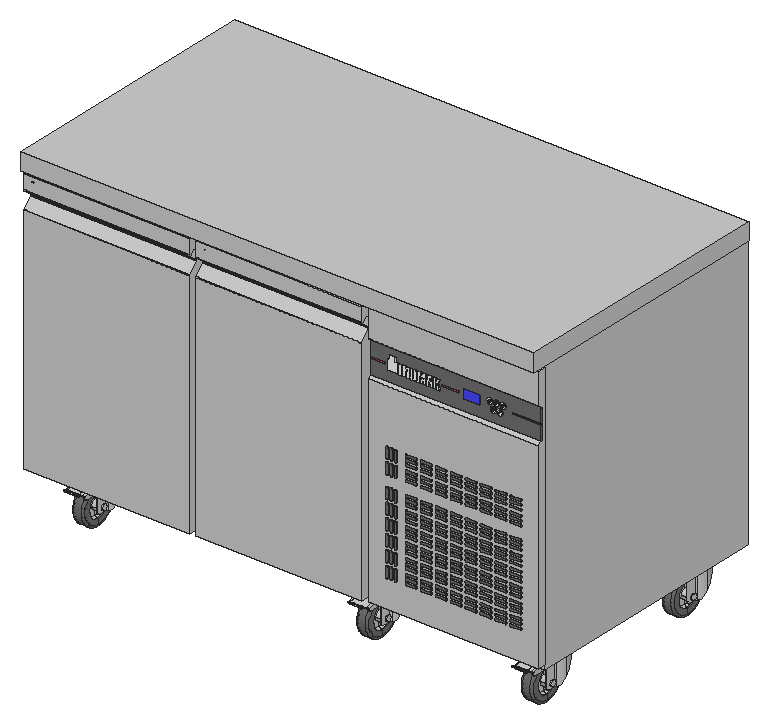
Revit family "QF_INOMAK_PNRP99_250528074223", category Specialty Equipment, Revit 2021 (continued)
Definition of nested family "QF_INOMAK_REF_COUNTERS_DOORS_DRAWERS_16430"
  Definition of nested family "4_Drawers_1-4"
    Forms (mm)
      Extrusion 3, solid, visible <- "4 Drawers", detail levels coarse
        sketch origin (0, -700, 154) x (-1, 0, 0) y (0, 1, 0)
          loop
            line (-35, 10) -> (-1165, 10) -> (-1165, -565) -> (-35, -565) -> (-35, 10)
        from 0 to -219.583
      Extrusion 4, solid, material <- "Finish", visible <- "4 Drawers"
        sketch origin (35, 0, -440.333) x (0, -1, 0) y (0, 0, 1)
          loop
            line (680, 813.917) -> (670, 813.917) -> (670, 594.333) -> (690, 594.333) -> (690, 757.761)
            arc (690, 757.761) -> (689.115, 763.644) -> (686.539, 769.007) r 20
            line (686.539, 769.007) -> (673, 788.917) -> (673, 810.917) -> (680, 810.917)
            arc (680, 810.917) -> (684.95, 808.866) -> (687, 803.917) r 7
            line (687, 803.917) -> (687, 798.904) -> (690, 798.904) -> (690, 803.917)
            arc (690, 803.917) -> (687.071, 810.988) -> (680, 813.917) r 10
        from 0 to -1130
      Extrusion 5, solid, material <- "Finish", visible <- "4 Drawers"
        sketch origin (35, 0, -165.333) x (0, -1, 0) y (0, 0, 1)
          loop
            line (680, 987.75) -> (670, 987.75) -> (670, 767.167) -> (690, 767.167) -> (690, 931.594)
            arc (690, 931.594) -> (689.115, 937.478) -> (686.539, 942.84) r 20
            line (686.539, 942.84) -> (673, 962.75) -> (673, 984.75) -> (680, 984.75)
            arc (680, 984.75) -> (684.95, 982.7) -> (687, 977.75) r 7
            line (687, 977.75) -> (687, 972.738) -> (690, 972.738) -> (690, 977.75)
            arc (690, 977.75) -> (687.071, 984.821) -> (680, 987.75) r 10
        from 0 to -1130
      Extrusion 6, solid, material <- "Finish", visible <- "4 Drawers"
        sketch origin (35, 0, -330.333) x (0, -1, 0) y (0, 0, 1)
          loop
            line (680, 928.5) -> (670, 928.5) -> (670, 708.25) -> (690, 708.25) -> (690, 872.344)
            arc (690, 872.344) -> (689.115, 878.228) -> (686.539, 883.59) r 20
            line (686.539, 883.59) -> (673, 903.5) -> (673, 925.5) -> (680, 925.5)
            arc (680, 925.5) -> (684.95, 923.45) -> (687, 918.5) r 7
            line (687, 918.5) -> (687, 913.488) -> (690, 913.488) -> (690, 918.5)
            arc (690, 918.5) -> (687.071, 925.571) -> (680, 928.5) r 10
        from 0 to -1130
      Extrusion 7, solid, visible <- "4 Drawers", detail levels coarse
        sketch origin (0, -500.463, 601.833) x (0, 1, 0) y (-1, 0, 0)
          loop
            line (-189.537, -35) -> (-764.537, -35) -> (-764.537, -1165) -> (-189.537, -1165) -> (-189.537, -35)
        from 0 to 220.583
      Extrusion 8, solid, visible <- "4 Drawers", detail levels coarse
        sketch origin (0, -540.463, 377.917) x (0, 1, 0) y (-1, 0, 0)
          loop
            line (-149.537, -35) -> (-724.537, -35) -> (-724.537, -1165) -> (-149.537, -1165) -> (-149.537, -35)
        from 0 to 220.25
    Lines and regions (mm)
      symbolic lines, visible <- "4 Drawers"
        curve 1: line (35, -945, 900) -> (35, -985, 900)
        curve 2: line (35, -985, 900) -> (1165, -985, 900)
        curve 3: line (1165, -985, 900) -> (1165, -945, 900)
        curve 4: line (1165, -945, 900) -> (35, -945, 900)
        curve 5: line (1135, -945, 900) -> (1135, -845, 900)
        curve 6: line (65, -945, 900) -> (65, -845, 900)
        curve 7: line (35, -1085, 900) -> (35, -1125, 900)
        curve 8: line (35, -1125, 900) -> (1165, -1125, 900)
        curve 9: line (1165, -1125, 900) -> (1165, -1085, 900)
        curve 10: line (1165, -1085, 900) -> (35, -1085, 900)
        curve 11: line (1135, -1085, 900) -> (1135, -985, 900)
        curve 12: line (65, -1085, 900) -> (65, -985, 900)
        curve 13: line (35, -1225, 900) -> (35, -1265, 900)
        curve 14: line (35, -1265, 900) -> (1165, -1265, 900)
        curve 15: line (1165, -1265, 900) -> (1165, -1225, 900)
        curve 16: line (1165, -1225, 900) -> (35, -1225, 900)
        curve 17: line (1135, -1225, 900) -> (1135, -1125, 900)
        curve 18: line (65, -1225, 900) -> (65, -1125, 900)
        curve 19: line (35, -805, 900) -> (35, -845, 900)
        curve 20: line (35, -845, 900) -> (1165, -845, 900)
        curve 21: line (1165, -845, 900) -> (1165, -805, 900)
        curve 22: line (1165, -805, 900) -> (35, -805, 900)
        curve 23: line (65, -805, 900) -> (65, -700, 900)
        curve 24: line (1135, -805, 900) -> (1135, -700, 900)
    Dimensions and locks
      "Length Actual": plane 3 "Left" to plane 4 "Right"
      "Depth Actual": plane 5 "Front" to plane 1 "Back"
      "Height Actual": plane 6 "Top" to plane 8 "Legs top"
      "Front inset": plane 7 "Front legs" to plane 5 "Front"
      "Plinth height": plane 8 "Legs top" to plane 2
      "Rear inset": plane 9 "Backsplash thickness" to plane 1 "Back"
      "Right panel thickness": plane 11 "Right panel" to plane 4 "Right"
      "Left panel thickness": plane 3 "Left" to plane 10 "Left panel"
      locked: plane 14 to plane 15 at 3.667
      equal spacing: plane 14, plane 12, plane 15
      locked: plane 23 to plane 24 at 3.667
      equal spacing: plane 23, plane 22, plane 24
      "Bottom inset": plane 20 to plane 8 "Legs top"
      equal spacing: plane 19, plane 17, plane 18
      locked: plane 19 to plane 18 at 4.333
      equal spacing: plane 21, plane 17, plane 22, plane 12, plane 16
      locked: plane 13 to plane 16 at 2.5
      "Top inset": plane 13 to plane 6 "Top"
      locked: plane 21 to plane 20 at 2.5
      aligned and locked: level to plane 2
      aligned and locked: plane 7 "Front legs" to Extrusion 1 sketch curve  (x2)
      aligned and locked: Extrusion 1 to plane 11 "Right panel"
      aligned and locked: Extrusion 1 sketch curve to plane 13
      aligned and locked: Extrusion 1 sketch curve to plane 14
      aligned and locked: plane 10 "Left panel" to curve 1
      aligned and locked: plane 10 "Left panel" to curve 7
      aligned and locked: plane 10 "Left panel" to curve 13
      aligned and locked: Extrusion 2 sketch curve to plane 10 "Left panel"
      aligned and locked: plane 11 "Right panel" to Extrusion 2 sketch curve
      aligned and locked: Extrusion 3 sketch curve to plane 10 "Left panel"
      aligned and locked: plane 11 "Right panel" to Extrusion 3 sketch curve
      aligned and locked: Extrusion 2 to plane 13
      aligned and locked: Extrusion 3 to plane 19
      aligned and locked: plane 20 to Extrusion 4 sketch curve
      aligned and locked: Extrusion 4 to plane 11 "Right panel"
      aligned and locked: Extrusion 5 sketch curve to plane 15
      aligned and locked: plane 7 "Front legs" to Extrusion 5 sketch curve
      aligned and locked: Extrusion 5 sketch curve to plane 23
      aligned and locked: Extrusion 6 sketch curve to plane 24
      aligned and locked: plane 7 "Front legs" to Extrusion 6 sketch curve
      aligned and locked: Extrusion 6 sketch curve to plane 18
      aligned and locked: Extrusion 7 to plane 15
      aligned and locked: Extrusion 8 to plane 24
      aligned and locked: Extrusion 5 to plane 11 "Right panel"
      aligned and locked: Extrusion 6 to plane 11 "Right panel"
    Automatic sketch dimensions
      Extrusion 1 sketch curve to Extrusion 1 sketch curve = 0 mm  (x2)
      plane 7 "Front legs" to Extrusion 1 sketch curve = 3 mm
      plane 7 "Front legs" to Extrusion 1 sketch curve = 3.461 mm
      plane 7 "Front legs" to Extrusion 1 sketch curve = 10 mm
      Extrusion 1 sketch curve to Extrusion 1 sketch curve = 7 mm
      plane 7 "Front legs" to Extrusion 1 sketch curve = 20 mm  (x2)
      Extrusion 1 sketch curve to Extrusion 1 sketch curve = 46.156 mm
      Extrusion 1 sketch curve to Extrusion 1 sketch curve = 15 mm
      Extrusion 1 sketch curve to Extrusion 1 sketch curve = 5.012 mm
      Extrusion 2 sketch curve to plane 7 "Front legs" = 0 mm
      Extrusion 2 sketch curve to plane 5 "Front" = 565 mm
      Extrusion 3 sketch curve to plane 7 "Front legs" = 0 mm
      Extrusion 3 sketch curve to plane 5 "Front" = 565 mm
      Extrusion 5 sketch curve to Extrusion 5 sketch curve = 0 mm  (x2)
      Extrusion 5 sketch curve to plane 7 "Front legs" = 0 mm
      plane 7 "Front legs" to Extrusion 5 sketch curve = 3 mm
      plane 7 "Front legs" to Extrusion 5 sketch curve = 3.461 mm
      plane 7 "Front legs" to Extrusion 5 sketch curve = 10 mm
      Extrusion 5 sketch curve to Extrusion 5 sketch curve = 7 mm
      plane 7 "Front legs" to Extrusion 5 sketch curve = 20 mm  (x2)
      Extrusion 5 sketch curve to Extrusion 5 sketch curve = 46.156 mm
      Extrusion 5 sketch curve to Extrusion 5 sketch curve = 15 mm
      Extrusion 5 sketch curve to Extrusion 5 sketch curve = 5.012 mm
      Extrusion 6 sketch curve to Extrusion 6 sketch curve = 0 mm  (x2)
      Extrusion 6 sketch curve to plane 7 "Front legs" = 0 mm
      plane 7 "Front legs" to Extrusion 6 sketch curve = 3 mm
      plane 7 "Front legs" to Extrusion 6 sketch curve = 3.461 mm
      plane 7 "Front legs" to Extrusion 6 sketch curve = 10 mm
      Extrusion 6 sketch curve to Extrusion 6 sketch curve = 7 mm
      plane 7 "Front legs" to Extrusion 6 sketch curve = 20 mm  (x2)
      Extrusion 6 sketch curve to Extrusion 6 sketch curve = 46.156 mm
      Extrusion 6 sketch curve to Extrusion 6 sketch curve = 15 mm
      Extrusion 6 sketch curve to Extrusion 6 sketch curve = 5.012 mm
      curve 14 to plane 11 "Right panel" = 0 mm
      curve 8 to plane 11 "Right panel" = 0 mm
      curve 2 to plane 11 "Right panel" = 0 mm
      curve 21 to plane 11 "Right panel" = 0 mm
      curve 20 to plane 10 "Left panel" = 0 mm
      curve 23 to plane 5 "Front" = 0 mm
      curve 24 to plane 5 "Front" = 0 mm
      curve 21 to plane 5 "Front" = 105 mm
      curve 20 to curve 21 = 40 mm
      curve 3 to curve 20 = 100 mm
      curve 3 to curve 3 = 40 mm
      curve 10 to curve 1 = 100 mm
      curve 9 to curve 9 = 40 mm
      curve 15 to curve 8 = 100 mm
      curve 15 to curve 15 = 40 mm
      plane 11 "Right panel" to curve 24 = 30 mm
      curve 8 to curve 17 = 30 mm
      curve 11 to curve 17 = 0 mm
      curve 23 to plane 10 "Left panel" = 30 mm
      curve 12 to curve 6 = 0 mm
      curve 18 to curve 12 = 0 mm
      Extrusion 4 sketch curve to Extrusion 4 sketch curve = 0 mm  (x2)
      plane 19 to Extrusion 4 sketch curve = 0 mm
      Extrusion 4 sketch curve to plane 7 "Front legs" = 0 mm  (x2)
      plane 7 "Front legs" to Extrusion 4 sketch curve = 3 mm
      plane 7 "Front legs" to Extrusion 4 sketch curve = 3.461 mm
      plane 7 "Front legs" to Extrusion 4 sketch curve = 10 mm
      Extrusion 4 sketch curve to Extrusion 4 sketch curve = 7 mm
      plane 7 "Front legs" to Extrusion 4 sketch curve = 20 mm  (x2)
      Extrusion 4 sketch curve to Extrusion 4 sketch curve = 46.156 mm
      Extrusion 4 sketch curve to Extrusion 4 sketch curve = 15 mm
      Extrusion 4 sketch curve to Extrusion 4 sketch curve = 5.012 mm
      Extrusion 7 sketch curve to plane 10 "Left panel" = 0 mm
      Extrusion 7 sketch curve to plane 11 "Right panel" = 0 mm
      Extrusion 7 sketch curve to plane 7 "Front legs" = 0 mm
      Extrusion 7 sketch curve to plane 5 "Front" = 565 mm
      Extrusion 8 sketch curve to plane 10 "Left panel" = 0 mm
      Extrusion 8 sketch curve to plane 11 "Right panel" = 0 mm
      Extrusion 8 sketch curve to plane 7 "Front legs" = 0 mm
      Extrusion 8 sketch curve to plane 5 "Front" = 565 mm
      curve 6 to plane 10 "Left panel" = 30 mm
      curve 5 to curve 24 = 0 mm
  Definition of nested family "Hinged_Doors"
    Parameters (values of type "Hinged doors")
      URL = "www.specifiglobal.com"
      Top inset [instance] = 4 mm
      Right panel thickness [instance] = 35 mm
      Rear inset [instance] = 10 mm
      Plinth height [instance] = 150 mm
      Model = ""
      Manufacturer = "DEMO CONSULTANT"
      Length Actual [instance] = 1200 mm
      Left panel thickness [instance] = 35 mm
      Hinged doors [instance] = Doors drawers type = 3  # yes
      Height Actual [instance] = 900 mm
      Front inset [instance] = 10 mm
      Finish [instance] = none
      Doors drawers type [instance] = 3
      Description = ""
      Depth Actual [instance] = 700 mm
      Default Elevation = 0 mm
      Bottom inset [instance] = 4 mm
      Assembly Code = "E1090320"
    Reference planes
      plane 1 "Back": y = 0
      plane 2: z = 0
      plane 3 "Left": x = 0
      plane 4 "Right": x = 1200
      plane 5 "Front": y = -700
      plane 6 "Top": z = 1050
      plane 7 "Front legs": y = -690
      plane 8 "Legs top": z = 150
      plane 9 "Backsplash thickness": y = -10
      plane 10: x = 35
      plane 11: x = 1165
      plane 12 "Center Left-Right": x = 600
      plane 13: x = 597.5
      plane 14: x = 602.5
      plane 15: z = 154
      plane 16: z = 1046
    Forms (mm)
      Extrusion 1, solid, material <- "Finish", visible <- "Hinged doors"
        sketch origin (35, -2307.849, 4000) x (0, -1, 0) y (0, 0, 1)
          loop
            line (-1627.849, -2954) -> (-1637.849, -2954) -> (-1637.849, -3846) -> (-1617.849, -3846) -> (-1617.849, -3010.156)
            arc (-1617.849, -3010.156) -> (-1618.734, -3004.272) -> (-1621.31, -2998.91) r 20
            line (-1621.31, -2998.91) -> (-1634.849, -2979) -> (-1634.849, -2957) -> (-1627.849, -2957)
            arc (-1627.849, -2957) -> (-1622.899, -2959.05) -> (-1620.849, -2964) r 7
            line (-1620.849, -2964) -> (-1620.849, -2969.012) -> (-1617.849, -2969.012) -> (-1617.849, -2964)
            arc (-1617.849, -2964) -> (-1620.778, -2956.929) -> (-1627.849, -2954) r 10
        from 0 to -562.5
      Extrusion 2, solid, visible <- "Hinged doors", detail levels coarse
        sketch origin (0, -700, 154) x (-1, 0, 0) y (0, 1, 0)
          loop
            line (-35, 10) -> (-597.5, 10)
            arc (-597.5, 10) -> (-432.748, -387.748) -> (-35, -552.5) r 562.5
            line (-35, -552.5) -> (-35, 10)
        from 0 to -892
      Extrusion 3, solid, material <- "Finish", visible <- "Hinged doors"
        sketch origin (1165, -2312.576, 4000) x (0, -1, 0) y (0, 0, 1)
          loop
            line (-1632.576, -2954) -> (-1642.576, -2954) -> (-1642.576, -3846) -> (-1622.576, -3846) -> (-1622.576, -3010.156)
            arc (-1622.576, -3010.156) -> (-1623.46, -3004.272) -> (-1626.037, -2998.91) r 20
            line (-1626.037, -2998.91) -> (-1639.576, -2979) -> (-1639.576, -2957) -> (-1632.576, -2957)
            arc (-1632.576, -2957) -> (-1627.626, -2959.05) -> (-1625.576, -2964) r 7
            line (-1625.576, -2964) -> (-1625.576, -2969.012) -> (-1622.576, -2969.012) -> (-1622.576, -2964)
            arc (-1622.576, -2964) -> (-1625.504, -2956.929) -> (-1632.576, -2954) r 10
        from 0 to 562.5
      Extrusion 4, solid, visible <- "Hinged doors", detail levels coarse
        sketch origin (0, -700, 154) x (-1, 0, 0) y (0, 1, 0)
          loop
            line (-1165, 10) -> (-1165, -552.5)
            arc (-1165, -552.5) -> (-767.252, -387.748) -> (-602.5, 10) r 562.5
            line (-602.5, 10) -> (-1165, 10)
        from 0 to -892
    Lines and regions (mm)
      symbolic lines, visible <- "Hinged doors"
        curve 1: line (35, -700, 150) -> (35, -1252.5, 150)
        curve 2: arc (35, -1252.5, 150) -> (429.196, -1091.268, 150) -> (597.411, -700, 150) r 562.5
        curve 3: arc (602.589, -700, 150) -> (770.804, -1091.268, 150) -> (1165, -1252.5, 150) r 562.5
        curve 4: line (1165, -1252.5, 150) -> (1165, -700, 150)
    Dimensions and locks
      "Length Actual": plane 3 "Left" to plane 4 "Right"
      "Depth Actual": plane 5 "Front" to plane 1 "Back"
      "Height Actual": plane 6 "Top" to plane 8 "Legs top"
      "Front inset": plane 7 "Front legs" to plane 5 "Front"
      "Plinth height": plane 8 "Legs top" to plane 2
      "Rear inset": plane 9 "Backsplash thickness" to plane 1 "Back"
      "Right panel thickness": plane 11 to plane 4 "Right"
      "Left panel thickness": plane 3 "Left" to plane 10
      equal spacing: plane 10, plane 12 "Center Left-Right", plane 11
      plane 13 to plane 12 "Center Left-Right" = 2.5 mm
      plane 12 "Center Left-Right" to plane 14 = 2.5 mm
      "Bottom inset": plane 15 to plane 8 "Legs top"
      "Top inset": plane 16 to plane 6 "Top"
      aligned and locked: level to plane 2
      aligned and locked: Extrusion 1 to plane 13
      aligned and locked: plane 10 to Extrusion 2 sketch curve
      aligned and locked: plane 13 to Extrusion 2 sketch curve
      aligned and locked: plane 7 "Front legs" to Extrusion 2 sketch curve  (x2)
      aligned and locked: plane 14 to Extrusion 3
      aligned and locked: Extrusion 2 to curve 1
      aligned and locked: curve 2 to Extrusion 2
      aligned and locked: curve 3 to Extrusion 4
      aligned and locked: curve 4 to Extrusion 4
      aligned and locked: plane 5 "Front" to curve 1
      aligned and locked: plane 5 "Front" to curve 2
      aligned and locked: plane 5 "Front" to curve 3
      aligned and locked: plane 5 "Front" to curve 4
      aligned and locked: Extrusion 4 to plane 16
      aligned and locked: Extrusion 2 to plane 16
      aligned and locked: Extrusion 1 sketch curve to plane 16
      aligned and locked: Extrusion 1 sketch curve to plane 15
      aligned and locked: Extrusion 3 sketch curve to plane 15
      aligned and locked: Extrusion 3 sketch curve to plane 16
    Automatic sketch dimensions
      Extrusion 1 sketch curve to Extrusion 1 sketch curve = 0 mm  (x2)
      Extrusion 1 sketch curve to plane 7 "Front legs" = 0 mm  (x2)
      plane 7 "Front legs" to Extrusion 1 sketch curve = 3 mm
      plane 7 "Front legs" to Extrusion 1 sketch curve = 3.461 mm
      plane 7 "Front legs" to Extrusion 1 sketch curve = 10 mm
      Extrusion 1 sketch curve to Extrusion 1 sketch curve = 7 mm
      plane 7 "Front legs" to Extrusion 1 sketch curve = 20 mm  (x2)
      Extrusion 1 sketch curve to Extrusion 1 sketch curve = 46.156 mm
      Extrusion 1 sketch curve to Extrusion 1 sketch curve = 15 mm
      Extrusion 1 sketch curve to Extrusion 1 sketch curve = 5.012 mm
      Extrusion 3 sketch curve to Extrusion 3 sketch curve = 0 mm  (x2)
      Extrusion 3 sketch curve to plane 7 "Front legs" = 0 mm  (x2)
      Extrusion 3 sketch curve to Extrusion 3 sketch curve = 3 mm
      plane 7 "Front legs" to Extrusion 3 sketch curve = 3.461 mm
      plane 7 "Front legs" to Extrusion 3 sketch curve = 10 mm
      Extrusion 3 sketch curve to Extrusion 3 sketch curve = 7 mm
      Extrusion 3 sketch curve to Extrusion 3 sketch curve = 16.539 mm
      Extrusion 3 sketch curve to Extrusion 3 sketch curve = 20 mm
      Extrusion 3 sketch curve to Extrusion 3 sketch curve = 46.156 mm
      Extrusion 3 sketch curve to Extrusion 3 sketch curve = 15 mm
      Extrusion 3 sketch curve to Extrusion 3 sketch curve = 5.012 mm
      Extrusion 4 sketch curve to plane 11 = 0 mm
      Extrusion 4 sketch curve to plane 7 "Front legs" = 0 mm
      Extrusion 4 sketch curve to plane 14 = 0 mm
  Definition of nested family "Hopper"
    Parameters (values of type "Hopper")
      URL = "www.specifiglobal.com"
      Top inset [instance] = 4 mm
      Right panel thickness [instance] = 35 mm
      Rear inset [instance] = 10 mm
      Plinth height [instance] = 150 mm
      Model = ""
      Manufacturer = "DEMO CONSULTANT"
      Length Actual [instance] = 700 mm
      Left panel thickness [instance] = 35 mm
      Hopper [instance] = Doors drawers type = 10  # yes
      Height Actual [instance] = 900 mm
      Front inset [instance] = 10 mm
      Finish [instance] = none
      Doors drawers type [instance] = 10
      Description = ""
      Depth Actual [instance] = 700 mm
      Default Elevation = 0 mm
      Bottom inset [instance] = 4 mm
      Assembly Code = "E1090320"
      2 Drawers = yes
    Reference planes
      plane 1 "Back": y = 0
      plane 2: z = 0
      plane 3 "Left": x = 0
      plane 4 "Right": x = 700
      plane 5 "Front": y = -700
      plane 6 "Top": z = 1050
      plane 7 "Front legs": y = -690
      plane 8 "Legs top": z = 150
      plane 9 "Backsplash thickness": y = -10
      plane 10 "Left panel": x = 35
      plane 11 "Right panel": x = 665
      plane 12: z = 1046
      plane 13: z = 154
    Forms (mm)
      Extrusion 1, solid, material <- "Finish", visible <- "Hopper"
        sketch origin (35, 0, 0) x (0, -1, 0) y (0, 0, 1)
          loop
            line (690, 154) -> (690, 960.365)
            arc (690, 960.365) -> (689.866, 961.037) -> (689.485, 961.607) r 1.757
            line (689.485, 961.607) -> (666.663, 984.429)
            arc (666.663, 984.429) -> (665.976, 985.458) -> (665.734, 986.672) r 3.172
            line (665.734, 986.672) -> (665.734, 1013.576)
            arc (665.734, 1013.576) -> (666.433, 1015.262) -> (668.119, 1015.961) r 2.385
            line (668.119, 1015.961) -> (680.029, 1015.961) -> (686.544, 1006.657)
            arc (686.544, 1006.657) -> (688.671, 1005.935) -> (690, 1007.747) r 1.9
            line (690, 1007.747) -> (690, 1046) -> (648, 1046) -> (648, 154) -> (690, 154)
        from 0 to -630
      Extrusion 2, solid, visible <- "Hopper", detail levels coarse
        sketch origin (35, 0, 0) x (0, -1, 0) y (0, 0, 1)
          loop
            line (690, 154) -> (1265, 154) -> (1265, 1046) -> (690, 1046) -> (690, 154)
        from 0 to -630
    Lines and regions (mm)
      symbolic lines, visible <- "Hopper"
        curve 1: line (35, -1225, 900) -> (35, -1265, 900)
        curve 2: line (35, -1265, 900) -> (665, -1265, 900)
        curve 3: line (665, -1265, 900) -> (665, -1225, 900)
        curve 4: line (665, -1225, 900) -> (35, -1225, 900)
        curve 5: line (635, -1225, 900) -> (635, -700, 900)
        curve 6: line (65, -1225, 900) -> (65, -700, 900)
    Dimensions and locks
      "Length Actual": plane 3 "Left" to plane 4 "Right"
      "Depth Actual": plane 5 "Front" to plane 1 "Back"
      "Height Actual": plane 6 "Top" to plane 8 "Legs top"
      "Front inset": plane 7 "Front legs" to plane 5 "Front"
      "Plinth height": plane 8 "Legs top" to plane 2
      "Rear inset": plane 9 "Backsplash thickness" to plane 1 "Back"
      "Right panel thickness": plane 11 "Right panel" to plane 4 "Right"
      "Left panel thickness": plane 3 "Left" to plane 10 "Left panel"
      "Top inset": plane 12 to plane 6 "Top"
      "Bottom inset": plane 13 to plane 8 "Legs top"
      aligned and locked: level to plane 2
      aligned and locked: Extrusion 1 to plane 11 "Right panel"
      aligned and locked: Extrusion 2 to plane 11 "Right panel"
      aligned and locked: plane 10 "Left panel" to Extrusion 2
      aligned and locked: Extrusion 1 sketch curve to plane 12
      aligned and locked: Extrusion 1 sketch curve to Extrusion 2
      aligned and locked: Extrusion 1 sketch curve to plane 13
    Automatic sketch dimensions
      Extrusion 1 sketch curve to Extrusion 1 sketch curve = 17.734 mm
      Extrusion 1 sketch curve to Extrusion 1 sketch curve = 0.929 mm
      Extrusion 1 sketch curve to Extrusion 1 sketch curve = 2.385 mm
      Extrusion 1 sketch curve to Extrusion 1 sketch curve = 3.172 mm
      Extrusion 1 sketch curve to Extrusion 1 sketch curve = 11.91 mm
      Extrusion 1 sketch curve to Extrusion 1 sketch curve = 6.515 mm
      Extrusion 1 sketch curve to Extrusion 1 sketch curve = 1.556 mm
      Extrusion 1 sketch curve to Extrusion 1 sketch curve = 21.58 mm
      Extrusion 1 sketch curve to Extrusion 1 sketch curve = 1.242 mm
      Extrusion 1 sketch curve to Extrusion 1 sketch curve = 1.9 mm
      Extrusion 1 sketch curve to Extrusion 1 sketch curve = 0.515 mm
      Extrusion 1 sketch curve to Extrusion 1 sketch curve = 22.822 mm
      Extrusion 1 sketch curve to Extrusion 1 sketch curve = 19.985 mm
      Extrusion 1 sketch curve to Extrusion 1 sketch curve = 6.919 mm
      Extrusion 1 sketch curve to Extrusion 1 sketch curve = 30.039 mm
      Extrusion 2 sketch curve to plane 7 "Front legs" = 0 mm
      plane 13 to Extrusion 2 sketch curve = 0 mm
      plane 12 to Extrusion 2 sketch curve = 0 mm
      Extrusion 2 sketch curve to plane 5 "Front" = 565 mm
      curve 1 to plane 10 "Left panel" = 0 mm
      curve 2 to plane 11 "Right panel" = 0 mm
      curve 6 to plane 5 "Front" = 0 mm
      curve 5 to plane 5 "Front" = 0 mm
      curve 4 to plane 5 "Front" = 525 mm
      curve 3 to curve 3 = 40 mm
      plane 11 "Right panel" to curve 5 = 30 mm
      curve 6 to plane 10 "Left panel" = 30 mm
Definition of nested family "QF_INOMAK_REF_COUNTERS_WORKTOPS_25901"
  Parameters (values of type "WTWA-1545-700")
    Worktop without backsplash [instance] = Worktop type = 3  # no
    Worktop with backsplash [instance] = Worktop type = 2  # yes
    Worktop type [instance] = 2
    Worktop thickness [instance] = 46 mm
    Without worktop [instance] = or(Worktop type > 3, Worktop type < 2)  # no
    Weight [instance] = 0.00 kg
    Warranty Start Date [instance] = ""
    Warranty Duration [instance] = ""
    URL Cutsheet [instance] = ""
    URL = "www.inomak.com"
    Technical Documentation [instance] = ""
    Tag Number [instance] = ""
    Status [instance] = ""
    Specification by User [instance] = ""
    Specification by Manufacturer [instance] = ""
    Sound Level [instance] = ""
    Solid Fuel Type [instance] = ""
    Show Logo [instance] = yes
    Show Clearances [instance] = yes
    Service Life Duration [instance] = ""
    Serial Number [instance] = ""
    Seismic Rating [instance] = ""
    SMACNA No [instance] = ""
    Revision Code [instance] = ""
    Revision [instance] = ""
    Production Year [instance] = ""
    Point Load [instance] = 0
    Other Equipment Approvals [instance] = ""
    NAFEM Spec ID Number [instance] = ""
    Model Warning [instance] = ""
    Model = "WTWA"
    Masterspec [instance] = ""
    Manufacturer = "INOMAK"
    Length Actual [instance] = 1546 mm
    Item Number [instance] = ""
    Installed By [instance] = ""
    Installation Date [instance] = ""
    Identify Quantity as Lot [instance] = yes
    ID [instance] = ""
    Hygiene Approval [instance] = ""
    Height Actual [instance] = 0 mm
    Height AFF [instance] = 0 mm
    Furnished By [instance] = ""
    Foodservice Equipment Identifier [instance] = yes
    Finish [instance] = none
    ETL Approved [instance] = yes
    Description = "WORKTOP WITH UPSTAND"
    Depth Actual [instance] = 700 mm
    Default Elevation = 0 mm
    CSI MasterFormat [instance] = ""
    CE Approved [instance] = yes
    Barcode [instance] = ""
    Backsplash thickness [instance] = 20 mm
    Backsplash height [instance] = 60 mm
    Author [instance] = ""
    Asset Identifier [instance] = ""
    Assembly Code = "E1090320"
    Accessory [instance] = yes
  Types (40, lengths in mm): name | Worktop without backsplash | Worktop with backsplash | Worktop type | Worktop thickness | Without worktop | Model | Length Actual | Description | Depth Actual
    WTWT-2240-700 | yes | no | 3 | 46 | no | "WTWT" | 2242 | "STANDARD WORKTOP" | 700
    WTWA-2240-700 | no | yes | 2 | 46 | no | "WTWA" | 2242 | "WORKTOP WITH UPSTAND" | 700
    WOWT-2240-700 | no | no | 1 | 46 | yes | "WOWT" | 2242 | "WITHOUT WORKTOP" | 700
    WTWA-1790-700 | no | yes | 2 | 46 | no | "WTWA" | 1792 | "WORKTOP WITH UPSTAND" | 700
    WTWA-1345-700 | no | yes | 2 | 46 | no | "WTWA" | 1342 | "WORKTOP WITH UPSTAND" | 700
    WOWT-1790-700 | no | no | 1 | 46 | yes | "WOWT" | 1792 | "WITHOUT WORKTOP" | 700
    WOWT-1345-700 | no | no | 1 | 46 | yes | "WOWT" | 1342 | "WITHOUT WORKTOP" | 700
    WTWT-1790-700 | yes | no | 3 | 46 | no | "WTWT" | 1792 | "STANDARD WORKTOP" | 700
    WTWT-1345-700 | yes | no | 3 | 46 | no | "WTWT" | 1342 | "STANDARD WORKTOP" | 700
    WTWA-1080-700 | no | yes | 2 | 46 | no | "WTWA" | 1080 | "WORKTOP WITH UPSTAND" | 700
    WTWT-1080-700 | yes | no | 3 | 46 | no | "WTWT" | 1080 | "STANDARD WORKTOP" | 700
    WTWA-1080-700-80 | no | yes | 2 | 80 | no | "WTWA-80" | 1080 | "WORKTOP WITH UPSTAND, 80CM DEEP WORKTOP" | 700
    WTWT-1080-700-80 | yes | no | 3 | 80 | no | "WTWT-80" | 1080 | "WORKTOP WITH 80CM DEEP" | 700
    WOWT-1345-600 | no | no | 1 | 46 | yes | "WOWT" | 1342 | "WITHOUT WORKTOP" | 600
    WOWT-1790-600 | no | no | 1 | 46 | yes | "WOWT" | 1792 | "WITHOUT WORKTOP" | 600
    WOWT-2240-600 | no | no | 1 | 46 | yes | "WOWT" | 2242 | "WITHOUT WORKTOP" | 600
    WTWA-1345-600 | no | yes | 2 | 46 | no | "WTWA" | 1342 | "WORKTOP WITH UPSTAND" | 600
    WTWA-1790-600 | no | yes | 2 | 46 | no | "WTWA" | 1792 | "WORKTOP WITH UPSTAND" | 600
    WTWA-2240-600 | no | yes | 2 | 46 | no | "WTWA" | 2242 | "WORKTOP WITH UPSTAND" | 600
    WTWT-1345-600 | yes | no | 3 | 46 | no | "WTWT" | 1342 | "STANDARD WORKTOP" | 600
    WTWT-1790-600 | yes | no | 3 | 46 | no | "WTWT" | 1792 | "STANDARD WORKTOP" | 600
    WTWT-2240-600 | yes | no | 3 | 46 | no | "WTWT" | 2242 | "STANDARD WORKTOP" | 600
    WOWT-1105-700 | no | no | 1 | 46 | yes | "WOWT" | 1103 | "WITHOUT WORKTOP" | 700
    WTWA-1105-700 | no | yes | 2 | 46 | no | "WTWA" | 1103 | "WORKTOP WITH UPSTAND" | 700
    WTWT-1105-700 | yes | no | 3 | 46 | no | "WTWT" | 1103 | "STANDARD WORKTOP" | 700
    WOWT-1545-700 | no | no | 1 | 46 | yes | "WOWT" | 1546 | "WITHOUT WORKTOP" | 700
    WOWT-1995-700 | no | no | 1 | 46 | yes | "WOWT" | 1996 | "WITHOUT WORKTOP" | 700
    WTWA-1545-700 | no | yes | 2 | 46 | no | "WTWA" | 1546 | "WORKTOP WITH UPSTAND" | 700
    WTWA-1995-700 | no | yes | 2 | 46 | no | "WTWA" | 1996 | "WORKTOP WITH UPSTAND" | 700
    WTWT-1545-700 | yes | no | 3 | 46 | no | "WTWT" | 1546 | "STANDARD WORKTOP" | 700
    WTWT-1995-700 | yes | no | 3 | 46 | no | "WTWT" | 1996 | "STANDARD WORKTOP" | 700
    WTWA-1105-600 | no | yes | 2 | 46 | no | "WTWA" | 1103 | "WORKTOP WITH UPSTAND" | 600
    WTWT-1105-600 | yes | no | 3 | 46 | no | "WTWT" | 1103 | "STANDARD WORKTOP" | 600
    WOWT-1105-600 | no | no | 1 | 46 | yes | "WOWT" | 1103 | "WITHOUT WORKTOP" | 600
    WOWT-1545-600 | no | no | 1 | 46 | yes | "WOWT" | 1546 | "WITHOUT WORKTOP" | 600
    WTWA-1545-600 | no | yes | 2 | 46 | no | "WTWA" | 1546 | "WORKTOP WITH UPSTAND" | 600
    WTWT-1545-600 | yes | no | 3 | 46 | no | "WTWT" | 1546 | "STANDARD WORKTOP" | 600
    WTWT-1995-600 | yes | no | 3 | 46 | no | "WTWT" | 1996 | "STANDARD WORKTOP" | 600
    WTWA-1995-600 | no | yes | 2 | 46 | no | "WTWA" | 1996 | "WORKTOP WITH UPSTAND" | 600
    WOWT-1995-600 | no | no | 1 | 46 | yes | "WOWT" | 1996 | "WITHOUT WORKTOP" | 600
  Reference planes
    plane 1 "Back": y = 0
    plane 2: z = 0
    plane 3 "Left": x = 0
    plane 4 "Right": x = 1546
    plane 5 "Front": y = -700
    plane 6 "Top": z = 46
    plane 7 "Backsplash thickness": y = -20
    plane 8 "Worktop bottom": z = 0
    plane 9 "Upright height": z = 106
    plane 10 "Center Left Right": x = 773
  Lines and regions (mm)
    reference lines
      curve 1: line (773, 0, 106) -> (773, -20, 106)
      curve 2: line (0, -700, 46) -> (1546, -700, 46)
      curve 3: line (1546, -700, 46) -> (1546, 0, 46)
      curve 4: line (0, -700, 46) -> (0, 0, 46)
      curve 5: line (0, 0, 46) -> (1546, 0, 46)
      curve 6: line (773, 0, 0) -> (773, -700, 0)
  Dimensions and locks
    "Length Actual": plane 3 "Left" to plane 4 "Right"
    "Depth Actual": plane 5 "Front" to plane 1 "Back"
    "Backsplash thickness": plane 7 "Backsplash thickness" to plane 1 "Back"
    "Worktop thickness": plane 6 "Top" to plane 8 "Worktop bottom"
    "Backsplash height": plane 9 "Upright height" to plane 6 "Top"
    "Backsplash height": curve 1 to plane 6 "Top"
    "Depth Actual": curve 2 to plane 1 "Back"
    "Length Actual": plane 3 "Left" to curve 3
    "Length Actual": curve 4 to plane 4 "Right"
    "Depth Actual": curve 5 to plane 5 "Front"
    equal spacing: plane 3 "Left", plane 10 "Center Left Right", plane 4 "Right"
    "Height AFF": plane 8 "Worktop bottom" to plane 2
    "Height AFF": curve 6 to plane 2
    aligned and locked: level to plane 2
    aligned and locked: plane 3 "Left" to nested 1
    aligned and locked: plane 1 "Back" to nested 1
  Automatic sketch dimensions
    curve 6 to plane 1 "Back" = 0 mm
    curve 1 to plane 1 "Back" = 0 mm
    curve 1 to plane 7 "Backsplash thickness" = 0 mm
    curve 6 to plane 5 "Front" = 0 mm
  Nested families
    nested 1: "Worktop" at (0, 0, 0), Length Actual <- "Length Actual", Depth Actual <- "Depth Actual", Height AFF <- "Height AFF", Worktop thickness <- "Worktop thickness", Backsplash thickness <- "Backsplash thickness", Backsplash height <- "Backsplash height", type "without backsplash"
      with Worktop thickness 46 mm, Length Actual 1546 mm, Height AFF 0 mm, Depth Actual 700 mm, Backsplash thickness 20 mm, Backsplash height 60 mm, Worktop without backsplash no, Worktop with backsplash yes
  Definition of nested family "Worktop"
    Parameters (values of type "with backsplash")
      Worktop without backsplash = no
      Worktop with backsplash = yes
      Worktop thickness [instance] = 40 mm
      Without worktop = no
      URL = ""
      Model = ""
      Manufacturer = ""
      Length Actual [instance] = 1200 mm
      Height AFF [instance] = 860 mm
      Finish = none
      Description = "TABLE WITH BACKSPLASH"
      Depth Actual [instance] = 700 mm
      Default Elevation = 0 mm
      Backsplash thickness [instance] = 20 mm
      Backsplash height [instance] = 100 mm
      Assembly Code = "E1090320"
    Types (3, lengths in mm): name | Worktop without backsplash | Worktop with backsplash | Without worktop
      with backsplash | no | yes | no
      without backsplash | yes | no | no
      without worktop | no | no | yes
    Reference planes
      plane 1 "Back": y = 0
      plane 2: z = 0
      plane 3 "Left": x = 0
      plane 4 "Right": x = 1200
      plane 5 "Front": y = -700
      plane 6 "Top": z = 900
      plane 7 "Backsplash thickness": y = -20
      plane 8 "Worktop bottom": z = 860
      plane 9 "Upright height": z = 1000
      plane 10 "Center Left Right": x = 600
    Forms (mm)
      Extrusion 1, solid, material <- "Finish", visible <- "Worktop with backsplash"
        sketch origin (0, 0, 0) x (0, 1, 0) y (0, 0, 1)
          loop
            line (0, 1000) -> (-20, 1000) -> (-20, 900) -> (-700, 900) -> (-700, 860) -> (0, 860) -> (0, 1000)
        from 0 to 1200
      Extrusion 2, solid, material <- "Finish", visible <- "Worktop without backsplash"
        sketch origin (0, 0, 0) x (0, 1, 0) y (0, 0, 1)
          loop
            line (0, 860) -> (0, 900) -> (-700, 900) -> (-700, 860) -> (0, 860)
        from 0 to 1200
    Lines and regions (mm)
      Masking region 1, visible <- "Worktop with backsplash"
        outline origin (0, 0, 900) x (0, 1, 0) y (-1, 0, 0)
          loop
            line (0, 0) -> (-700, 0) -> (-700, -1200) -> (0, -1200) -> (0, 0)
      Masking region 2, visible <- "Worktop without backsplash"
        outline origin (0, 0, 900) x (0, 1, 0) y (-1, 0, 0)
          loop
            line (0, 0) -> (-700, 0) -> (-700, -1200) -> (0, -1200) -> (0, 0)
      symbolic lines, visible <- "Worktop with backsplash"
        curve 1: line (0, 0, 0) -> (1200, 0, 0)
        curve 2: line (1200, 0, 0) -> (1200, -700, 0)
        curve 3: line (1200, -700, 0) -> (0, -700, 0)
        curve 4: line (0, -700, 0) -> (0, 0, 0)
        curve 5: line (0, -20, 0) -> (1200, -20, 0)
      symbolic lines, visible <- "Worktop without backsplash"
        curve 6: line (0, 0, 0) -> (1200, 0, 0)
        curve 7: line (1200, 0, 0) -> (1200, -700, 0)
        curve 8: line (1200, -700, 0) -> (0, -700, 0)
        curve 9: line (0, -700, 0) -> (0, 0, 0)
      symbolic lines, visible <- "Without worktop"
        curve 10: line (0, 0, 0) -> (1200, 0, 0)
        curve 11: line (1200, 0, 0) -> (1200, -700, 0)
        curve 12: line (1200, -700, 0) -> (0, -700, 0)
        curve 13: line (0, -700, 0) -> (0, 0, 0)
      reference lines
        curve 14: line (600, 0, 1000) -> (600, -20, 1000)
        curve 15: line (0, -700, 900) -> (1200, -700, 900)
        curve 16: line (1200, -700, 900) -> (1200, 0, 900)
        curve 17: line (0, -700, 900) -> (0, 0, 900)
        curve 18: line (0, 0, 900) -> (1200, 0, 900)
        curve 19: line (600, 0, 860) -> (600, -700, 860)
    Dimensions and locks
      "Length Actual": plane 3 "Left" to plane 4 "Right"
      "Depth Actual": plane 5 "Front" to plane 1 "Back"
      "Backsplash thickness": plane 7 "Backsplash thickness" to plane 1 "Back"
      "Worktop thickness": plane 6 "Top" to plane 8 "Worktop bottom"
      "Backsplash height": plane 9 "Upright height" to plane 6 "Top"
      "Backsplash height": curve 14 to plane 6 "Top"
      "Depth Actual": curve 15 to plane 1 "Back"
      "Length Actual": plane 3 "Left" to curve 16
      "Length Actual": curve 17 to plane 4 "Right"
      "Depth Actual": curve 18 to plane 5 "Front"
      equal spacing: plane 3 "Left", plane 10 "Center Left Right", plane 4 "Right"
      "Height AFF": plane 8 "Worktop bottom" to plane 2
      "Height AFF": curve 19 to plane 2
      aligned and locked: level to plane 2
      aligned and locked: Extrusion 1 to plane 4 "Right"
      aligned and locked: Extrusion 1 sketch curve to plane 7 "Backsplash thickness"
      aligned and locked: curve 5 to plane 7 "Backsplash thickness"
      aligned and locked: Extrusion 1 sketch curve to plane 8 "Worktop bottom"
      aligned and locked: plane 9 "Upright height" to Extrusion 1 sketch curve
      aligned and locked: plane 6 "Top" to Extrusion 1 sketch curve
      aligned and locked: plane 6 "Top" to Extrusion 2 sketch curve
      aligned and locked: Extrusion 2 sketch curve to plane 1 "Back"
      aligned and locked: Extrusion 2 sketch curve to plane 8 "Worktop bottom"
      aligned and locked: Extrusion 2 sketch curve to plane 5 "Front"
      aligned and locked: Extrusion 2 to plane 4 "Right"
      aligned and locked: Masking region 1 sketch curve to Extrusion 1  (x4)
      aligned and locked: Masking region 2 sketch curve to Extrusion 1  (x4)
    Automatic sketch dimensions
      plane 1 "Back" to curve 1 = 0 mm
      curve 13 to plane 3 "Left" = 0 mm
      curve 7 to plane 4 "Right" = 0 mm
      curve 13 to plane 5 "Front" = 0 mm
      Extrusion 1 sketch curve to plane 1 "Back" = 0 mm
      Extrusion 1 sketch curve to plane 5 "Front" = 0 mm
      curve 19 to plane 1 "Back" = 0 mm
      curve 14 to plane 1 "Back" = 0 mm
      curve 14 to plane 7 "Backsplash thickness" = 0 mm
      curve 19 to plane 5 "Front" = 0 mm
      curve 16 to plane 5 "Front" = 0 mm
      curve 17 to plane 5 "Front" = 0 mm
      plane 1 "Back" to curve 17 = 0 mm
      plane 1 "Back" to curve 16 = 0 mm
      curve 15 to plane 4 "Right" = 0 mm
      curve 18 to plane 4 "Right" = 0 mm
      curve 18 to plane 3 "Left" = 0 mm
      curve 15 to plane 3 "Left" = 0 mm
Definition of nested family "QF_INOMAK_REF_COUNTERS_CASTORS_27728"
  Parameters (values of type "CT-2240-600")
    Weight [instance] = 0.00 kg
    Warranty Start Date [instance] = ""
    Warranty Duration [instance] = ""
    URL Cutsheet [instance] = ""
    URL = "www.inomak.com"
    Technical Documentation [instance] = ""
    Tag Number [instance] = ""
    Status [instance] = ""
    Specification by User [instance] = ""
    Specification by Manufacturer [instance] = ""
    Sound Level [instance] = ""
    Solid Fuel Type [instance] = ""
    Show Logo [instance] = yes
    Show Clearances [instance] = yes
    Service Life Duration [instance] = ""
    Serial Number [instance] = ""
    Seismic Rating [instance] = ""
    SMACNA No [instance] = ""
    Right offset = 70 mm
    Revision Code [instance] = ""
    Revision [instance] = ""
    Rear offset = 90 mm
    Production Year [instance] = ""
    Point Load [instance] = 0
    Other Equipment Approvals [instance] = ""
    NAFEM Spec ID Number [instance] = ""
    Model Warning [instance] = ""
    Model = "CT"
    Masterspec [instance] = ""
    Manufacturer = "INOMAK"
    Length Actual [instance] = 0 mm
    Length = 2242 mm
    Left offset = 100 mm
    Item Number [instance] = ""
    Installed By [instance] = ""
    Installation Date [instance] = ""
    Identify Quantity as Lot [instance] = yes
    ID [instance] = ""
    Hygiene Approval [instance] = ""
    Height Actual [instance] = 0 mm
    Height = 130 mm
    Furnished By [instance] = ""
    Front offset = 150 mm
    Foodservice Equipment Identifier [instance] = yes
    ETL Approved [instance] = yes
    Description = "WHEELS"
    Depth Actual [instance] = 0 mm
    Depth = 600 mm
    Default Elevation = 0 mm
    CentralLegs = if(Length > 2000 mm, 2 > 1, 2 < 1)  # yes
    CSI MasterFormat [instance] = ""
    CE Approved [instance] = yes
    Barcode [instance] = ""
    Author [instance] = ""
    Asset Identifier [instance] = ""
    Assembly Code = "E1090320"
    Accessory [instance] = yes
  Types (6, lengths in mm): name | Length | Depth | CentralLegs
    CT-2240-700 | 2242 | 700 | yes
    CT-1790-700 | 1792 | 700 | no
    CT-1345-700 | 1342 | 700 | no
    CT-1345-600 | 1342 | 600 | no
    CT-1790-600 | 1792 | 600 | no
    CT-2240-600 | 2242 | 600 | yes
  Reference planes
    plane 1 "Back": y = 0
    plane 2: z = 0
    plane 3 "Left": x = 0
    plane 4 "Right": x = 2242
    plane 5 "Front": y = -600
    plane 6 "Top": z = 130
    plane 7 "Left offset": x = 100
    plane 8 "Right offset": x = 2172
    plane 9 "Rear offset": y = -90
    plane 10 "Front offset": y = -450
    plane 11 "Central": x = 921
    plane 12: x = 1742
  Dimensions and locks
    "Length": plane 3 "Left" to plane 4 "Right"
    "Depth": plane 5 "Front" to plane 1 "Back"
    "Left offset": plane 3 "Left" to plane 7 "Left offset"
    "Right offset": plane 8 "Right offset" to plane 4 "Right"
    "Rear offset": plane 9 "Rear offset" to plane 1 "Back"
    "Front offset": plane 10 "Front offset" to plane 5 "Front"
    equal spacing: plane 7 "Left offset", plane 11 "Central", plane 12
    locked: plane 12 to plane 8 "Right offset" at 430
    plane 6 "Top" to level = 130 mm
    aligned and locked: level to plane 2
    aligned and locked: nested 1 to plane 7 "Left offset"
    aligned and locked: nested 1 to plane 10 "Front offset"
    aligned and locked: nested 2 to plane 11 "Central"
    aligned and locked: nested 2 to plane 10 "Front offset"
    aligned and locked: nested 3 to plane 12
    aligned and locked: nested 3 to plane 10 "Front offset"
    aligned and locked: nested 4 to plane 8 "Right offset"
    aligned and locked: nested 4 to plane 10 "Front offset"
    aligned and locked: nested 5 to plane 7 "Left offset"
    aligned and locked: nested 5 to plane 9 "Rear offset"
    aligned and locked: nested 6 to plane 12
    aligned and locked: nested 6 to plane 9 "Rear offset"
    aligned and locked: nested 7 to plane 8 "Right offset"
    aligned and locked: nested 7 to plane 9 "Rear offset"
  Nested families
    nested 1: "QF_INOMAK_CASTOR_BRAKES" at (100, -450, 0), type "QF_INOMAK_CASTOR_BRAKES"
    nested 2: "QF_INOMAK_CASTOR_BRAKES" at (921, -450, 0), visible <- "CentralLegs", type "QF_INOMAK_CASTOR_BRAKES"
    nested 3: "QF_INOMAK_CASTOR_BRAKES" at (1742, -450, 0), type "QF_INOMAK_CASTOR_BRAKES"
    nested 4: "QF_INOMAK_CASTOR_BRAKES" at (2172, -450, 0), type "QF_INOMAK_CASTOR_BRAKES"
    nested 5: "QF_INOMAK_CASTOR" at (100, -90, 0), type "QF_INOMAK_CASTOR"
    nested 6: "QF_INOMAK_CASTOR" at (1742, -90, 0), type "QF_INOMAK_CASTOR"
    nested 7: "QF_INOMAK_CASTOR" at (2172, -90, 0), type "QF_INOMAK_CASTOR"
  Definition of nested family "QF_INOMAK_CASTOR_BRAKES"
    Parameters (values of type "QF_INOMAK_CASTOR_BRAKES")
      Default Elevation = 0 mm
    Reference planes
      plane 1 "Center (Front/Back)": y = 0
      plane 2: z = 0
      plane 3 "Center (Left/Right)": x = 0
    Forms (mm)
      Extrusion 1, solid
        sketch origin (-55, 171.5, 124.5) x (1, 0, 0) y (0, 1, 0)
          loop
            line (12.5, -214) -> (97.5, -214)
            arc (97.5, -214) -> (104.571, -211.071) -> (107.5, -204) r 10
            line (107.5, -204) -> (107.5, -139)
            arc (107.5, -139) -> (104.571, -131.929) -> (97.5, -129) r 10
            line (97.5, -129) -> (12.5, -129)
            arc (12.5, -129) -> (5.429, -131.929) -> (2.5, -139) r 10
            line (2.5, -139) -> (2.5, -204)
            arc (2.5, -204) -> (5.429, -211.071) -> (12.5, -214) r 10
        from 0 to 5.5
      Extrusion 2, solid
        sketch origin (-55, 146, 24.5) x (1, 0, 0) y (0, 1, 0)
          loop
            circle (55, -146) r 36
          loop
            circle (55, -146) r 34
        from 12 to 100
      Extrusion 3, void
        sketch origin (-37.5, 146, -28.526) x (0, 1, 0) y (0, 0, 1)
          loop
            line (-105, 63.026) -> (-105, 139.692) -> (-158.75, 68.026)
            arc (-158.75, 68.026) -> (-160.956, 66.036) -> (-163.75, 65.026) r 7.727
            line (-163.75, 65.026) -> (-175, 65.026) -> (-175, 136.026) -> (-182, 136.026) -> (-182, 63.026) -> (-105, 63.026)
        from 0 to 75
      Revolve 4, solid
        sketch origin (0, -37.5, -3.552) x (1, 0, 0) y (0, 0, 1)
          loop
            arc (10, 3.552) -> (13.536, 5.016) -> (15, 8.552) r 5
            line (15, 8.552) -> (15, 22.052) -> (-15, 22.052) -> (-15, 8.552)
            arc (-15, 8.552) -> (-13.536, 5.016) -> (-10, 3.552) r 5
            line (-10, 3.552) -> (10, 3.552)
          axis (-15, 53.552) -> (15, 53.552)
        angle from 0 to 360
      Extrusion 5, solid
        sketch origin (-21.466, 171.5, -31.526) x (0, 1, 0) y (0, 0, 1)
          loop
            line (-200.5, 68.026) -> (-200.5, 139.026) -> (-222.5, 139.026) -> (-267.507, 126.05)
            arc (-267.507, 126.05) -> (-264.51, 121.7) -> (-259.5, 120.026) r 8.333
            line (-259.5, 120.026) -> (-224.5, 120.026) -> (-224.5, 76.026)
            arc (-224.5, 76.026) -> (-222.157, 70.369) -> (-216.5, 68.026) r 8
            line (-216.5, 68.026) -> (-200.5, 68.026)
        from -3.534 to -1.534
      Extrusion 6, solid
        sketch origin (-34, 171.5, -14) x (0, 1, 0) y (0, 0, 1)
          loop
            circle (-209, 64) r 12.5
        from 11 to 57
      Revolve 7, solid
        sketch origin (-55, -37.5, -3.552) x (1, 0, 0) y (0, 0, 1)
          loop
            arc (65, 22.052) -> (61.464, 23.516) -> (60, 27.052) r 5
            line (60, 27.052) -> (60, 53.526) -> (50, 53.526) -> (50, 27.052)
            arc (50, 27.052) -> (48.536, 23.516) -> (45, 22.052) r 5
            line (45, 22.052) -> (65, 22.052)
          axis (45, 53.526) -> (65, 53.526)
        angle from 0 to 360
      Extrusion 8, solid
        sketch origin (21.466, 171.5, -31.526) x (0, 1, 0) y (0, 0, -1)
          loop
            line (-200.5, -68.026) -> (-216.5, -68.026)
            arc (-216.5, -68.026) -> (-222.157, -70.369) -> (-224.5, -76.026) r 8
            line (-224.5, -76.026) -> (-224.5, -120.026) -> (-259.5, -120.026)
            arc (-259.5, -120.026) -> (-264.51, -121.7) -> (-267.507, -126.05) r 8.333
            line (-267.507, -126.05) -> (-222.5, -139.026) -> (-200.5, -139.026) -> (-200.5, -68.026)
        from -3.534 to -1.534
      Extrusion 9, solid
        sketch origin (250, -359.196, -27.974) x (1, 0, 0) y (0, 1, 0)
          loop
            line (-275, 330.196) -> (-273, 330.196)
            arc (-273, 330.196) -> (-273.274, 332.754) -> (-274.083, 335.196) r 12.082
            line (-274.083, 335.196) -> (-276.833, 335.196)
            arc (-276.833, 335.196) -> (-275.473, 332.858) -> (-275, 330.196) r 7.737
        from 64.474 to 135.474
      Extrusion 10, solid
        sketch origin (-250, -359.196, -27.974) x (-1, 0, 0) y (0, -1, 0)
          loop
            arc (-275, -330.196) -> (-275.473, -332.858) -> (-276.833, -335.196) r 7.737
            line (-276.833, -335.196) -> (-274.083, -335.196)
            arc (-274.083, -335.196) -> (-273.274, -332.754) -> (-273, -330.196) r 12.082
            line (-273, -330.196) -> (-275, -330.196)
        from 64.474 to 135.474
      Sweep 11, solid
        path origin (0, -359.196, -27.974) x (0, 1, 0) y (0, 0, 1)
          loop
            line (338.196, 135.474) -> (308.196, 135.474) -> (263.189, 122.499)
        profile origin (0, -36, 107.5) x (0, 0, -1) y (1, 0, 0)
          loop
            arc (-4, -21) -> (-2.828, -23.828) -> (0, -25) r 4
            line (0, -25) -> (0, -23)
            arc (0, -23) -> (-1.414, -22.414) -> (-2, -21) r 2
            line (-2, -21) -> (-2, 21)
            arc (-2, 21) -> (-1.414, 22.414) -> (0, 23) r 2
            line (0, 23) -> (0, 25)
            arc (0, 25) -> (-2.828, 23.828) -> (-4, 21) r 4
            line (-4, 21) -> (-4, -21)
      Extrusion 12, solid
        sketch origin (-15, -620.032, 471.611) x (1, 0, 0) y (0, 0.809942, -0.58651)
          loop
            line (0, 640.696) -> (0, 622.696) -> (6, 617.696) -> (24, 617.696) -> (30, 622.696) -> (30, 640.696) -> (0, 640.696)
        from 0 to 2
      Extrusion 13, solid
        sketch origin (-10, -688.801, 95.837) x (0, 1, 0) y (0, 0, 1)
          loop
            line (587.696, 0) -> (592.196, -3.259)
            arc (592.196, -3.259) -> (593.446, -3.664) -> (594.696, -3.259) r 2.131
            line (594.696, -3.259) -> (604.172, 4.031) -> (598.943, 2.532) -> (594.631, -0.785)
            arc (594.631, -0.785) -> (593.44, -1.2) -> (592.238, -0.82) r 2
            line (592.238, -0.82) -> (588.869, 1.62) -> (587.696, 0)
        from 0 to 20
      Extrusion 14, solid
        sketch origin (-31, -958.08, 50) x (0, 1, 0) y (0, 0, 1)
          loop
            line (924.33, -6.495) -> (928.08, 0) -> (924.33, 6.495) -> (916.83, 6.495) -> (913.08, 0) -> (916.83, -6.495) -> (924.33, -6.495)
        from 0 to 62
    Cuts and joins
      Extrusion 3 cuts Extrusion 2
      Extrusion 3 cuts Extrusion 9
      Extrusion 3 cuts Extrusion 10
    Dimensions and locks
      aligned and locked: level to plane 2
  Definition of nested family "QF_INOMAK_CASTOR"
    Parameters (values of type "QF_INOMAK_CASTOR")
      Default Elevation = 0 mm
    Reference planes
      plane 1 "Center (Front/Back)": y = 0
      plane 2: z = 0
      plane 3 "Center (Left/Right)": x = 0
    Forms (mm)
      Extrusion 1, solid
        sketch origin (-55, 171.5, 124.5) x (1, 0, 0) y (0, 1, 0)
          loop
            line (12.5, -214) -> (97.5, -214)
            arc (97.5, -214) -> (104.571, -211.071) -> (107.5, -204) r 10
            line (107.5, -204) -> (107.5, -139)
            arc (107.5, -139) -> (104.571, -131.929) -> (97.5, -129) r 10
            line (97.5, -129) -> (12.5, -129)
            arc (12.5, -129) -> (5.429, -131.929) -> (2.5, -139) r 10
            line (2.5, -139) -> (2.5, -204)
            arc (2.5, -204) -> (5.429, -211.071) -> (12.5, -214) r 10
        from 0 to 5.5
      Extrusion 2, solid
        sketch origin (-55, 146, 24.5) x (1, 0, 0) y (0, 1, 0)
          loop
            circle (55, -146) r 36
          loop
            circle (55, -146) r 34
        from 12 to 100
      Extrusion 3, void
        sketch origin (-37.5, 146, -28.526) x (0, 1, 0) y (0, 0, 1)
          loop
            line (-105, 63.026) -> (-105, 139.692) -> (-158.75, 68.026)
            arc (-158.75, 68.026) -> (-160.956, 66.036) -> (-163.75, 65.026) r 7.727
            line (-163.75, 65.026) -> (-175, 65.026) -> (-175, 136.026) -> (-182, 136.026) -> (-182, 63.026) -> (-105, 63.026)
        from 0 to 75
      Revolve 4, solid
        sketch origin (0, -37.5, -3.552) x (1, 0, 0) y (0, 0, 1)
          loop
            arc (10, 3.552) -> (13.536, 5.016) -> (15, 8.552) r 5
            line (15, 8.552) -> (15, 22.052) -> (-15, 22.052) -> (-15, 8.552)
            arc (-15, 8.552) -> (-13.536, 5.016) -> (-10, 3.552) r 5
            line (-10, 3.552) -> (10, 3.552)
          axis (-15, 53.552) -> (15, 53.552)
        angle from 0 to 360
      Extrusion 5, solid
        sketch origin (-21.466, 171.5, -31.526) x (0, 1, 0) y (0, 0, 1)
          loop
            line (-200.5, 68.026) -> (-200.5, 139.026) -> (-224.5, 139.026) -> (-224.5, 76.026)
            arc (-224.5, 76.026) -> (-222.157, 70.369) -> (-216.5, 68.026) r 8
            line (-216.5, 68.026) -> (-200.5, 68.026)
        from -3.534 to -1.534
      Extrusion 6, solid
        sketch origin (-34, 171.5, -14) x (0, 1, 0) y (0, 0, 1)
          loop
            circle (-209, 64) r 12.5
        from 11 to 57
      Revolve 7, solid
        sketch origin (-55, -37.5, -3.552) x (1, 0, 0) y (0, 0, 1)
          loop
            arc (65, 22.052) -> (61.464, 23.516) -> (60, 27.052) r 5
            line (60, 27.052) -> (60, 53.526) -> (50, 53.526) -> (50, 27.052)
            arc (50, 27.052) -> (48.536, 23.516) -> (45, 22.052) r 5
            line (45, 22.052) -> (65, 22.052)
          axis (45, 53.526) -> (65, 53.526)
        angle from 0 to 360
      Extrusion 8, solid
        sketch origin (21.466, 171.5, -31.526) x (0, 1, 0) y (0, 0, -1)
          loop
            line (-200.5, -68.026) -> (-216.5, -68.026)
            arc (-216.5, -68.026) -> (-222.157, -70.369) -> (-224.5, -76.026) r 8
            line (-224.5, -76.026) -> (-224.5, -139.026) -> (-200.5, -139.026) -> (-200.5, -68.026)
        from -3.534 to -1.534
      Extrusion 9, solid
        sketch origin (250, -359.196, -27.974) x (1, 0, 0) y (0, 1, 0)
          loop
            line (-275, 330.196) -> (-273, 330.196)
            arc (-273, 330.196) -> (-273.274, 332.754) -> (-274.083, 335.196) r 12.082
            line (-274.083, 335.196) -> (-276.833, 335.196)
            arc (-276.833, 335.196) -> (-275.473, 332.858) -> (-275, 330.196) r 7.737
        from 64.474 to 135.474
      Extrusion 10, solid
        sketch origin (-250, -359.196, -27.974) x (-1, 0, 0) y (0, -1, 0)
          loop
            arc (-275, -330.196) -> (-275.473, -332.858) -> (-276.833, -335.196) r 7.737
            line (-276.833, -335.196) -> (-274.083, -335.196)
            arc (-274.083, -335.196) -> (-273.274, -332.754) -> (-273, -330.196) r 12.082
            line (-273, -330.196) -> (-275, -330.196)
        from 64.474 to 135.474
      Sweep 11, solid
        path origin (0, -359.196, -27.974) x (0, 1, 0) y (0, 0, 1)
          loop
            line (338.196, 135.474) -> (306.196, 135.474)
        profile origin (0, -37, 107.5) x (0, 0, -1) y (1, 0, 0)
          loop
            arc (-4, -21) -> (-2.828, -23.828) -> (0, -25) r 4
            line (0, -25) -> (0, -23)
            arc (0, -23) -> (-1.414, -22.414) -> (-2, -21) r 2
            line (-2, -21) -> (-2, 21)
            arc (-2, 21) -> (-1.414, 22.414) -> (0, 23) r 2
            line (0, 23) -> (0, 25)
            arc (0, 25) -> (-2.828, 23.828) -> (-4, 21) r 4
            line (-4, 21) -> (-4, -21)
      Extrusion 12, solid
        sketch origin (-31, -958.08, 50) x (0, 1, 0) y (0, 0, 1)
          loop
            line (924.33, -6.495) -> (928.08, 0) -> (924.33, 6.495) -> (916.83, 6.495) -> (913.08, 0) -> (916.83, -6.495) -> (924.33, -6.495)
        from 0 to 62
    Cuts and joins
      Extrusion 3 cuts Extrusion 2
      Extrusion 3 cuts Extrusion 9
      Extrusion 3 cuts Extrusion 10
    Dimensions and locks
      aligned and locked: level to plane 2
Definition of nested family "CONN_POINT_ELE_2D___Generic_Annotation"
  Parameters (values of type "CONN_POINT_ELE_2D___Generic_Annotation")
    Onboard connection annotation symbol visibility [instance] = yes
  Reference planes
    plane 1: y = 0
    plane 2: x = 0
  Lines and regions (mm)
    detail lines, visible <- "Onboard connection annotation symbol visibility"
      curve 1: circle (0, 0, 0) r 0.5 normal (0, 0, 1)
      curve 2: line (-1, 0, 0) -> (1, 0, 0)
      curve 3: line (0, 1, 0) -> (0, -1, 0)
      curve 4: line (2.5, 1, 0) -> (1.25, 1, 0)
      curve 5: line (1.25, 1, 0) -> (1.25, -1, 0)
      curve 6: line (1.25, -1, 0) -> (2.5, -1, 0)
      curve 7: line (1.25, 0, 0) -> (2, 0, 0)
